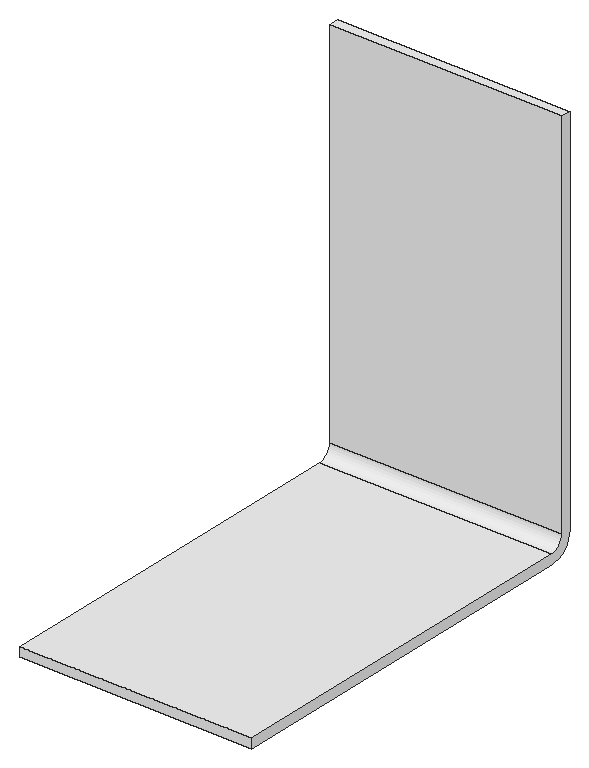
Revit family "JOMA_Spikplåtsvinklar", category Structural Connections, host Face, Revit 2012 (continued)
Nested families
  nested 404: "Spikmönster" at (-30, 0, 70) x (1, 0, 0) z (0, -1, 0), visible <- "5588120 Förband Typ 2", type "Ø5", not visible
  nested 405: "Spikmönster" at (-10, 0, 70) x (1, 0, 0) z (0, -1, 0), visible <- "5588120 Förband Typ 2", type "Ø5", not visible
  nested 406: "Spikmönster" at (10, 0, 70) x (1, 0, 0) z (0, -1, 0), visible <- "5588120 Förband Typ 2", type "Ø5", not visible
  nested 407: "Spikmönster" at (30, 0, 70) x (1, 0, 0) z (0, -1, 0), visible <- "5588120 Förband Typ 2", type "Ø5", not visible
  nested 408: "Spikmönster" at (50, 0, 70) x (1, 0, 0) z (0, -1, 0), visible <- "5588120 Förband Typ 2", type "Ø5", not visible
  nested 409: "Spikmönster" at (-20, 0, 70) x (1, 0, 0) z (0, -1, 0), visible <- "5511060 Förband Typ 2", type "Ø5"
  nested 410: "Spikmönster" at (0, 0, 70) x (1, 0, 0) z (0, -1, 0), visible <- "5511060 Förband Typ 2", type "Ø5"
  nested 411: "Spikmönster" at (20, 0, 70) x (1, 0, 0) z (0, -1, 0), visible <- "5511060 Förband Typ 2", type "Ø5"
  nested 412: "Spikmönster" at (-20, 0, 70) x (1, 0, 0) z (0, -1, 0), visible <- "5511060 Förband Typ 2", type "Ø5", not visible
  nested 413: "Spikmönster" at (0, 0, 70) x (1, 0, 0) z (0, -1, 0), visible <- "5511060 Förband Typ 2", type "Ø5", not visible
  nested 414: "Spikmönster" at (20, 0, 70) x (1, 0, 0) z (0, -1, 0), visible <- "5511060 Förband Typ 2", type "Ø5", not visible
  nested 415: "Spikmönster" at (-20, -10, 0), visible <- "5511060 Förband Typ 2", type "Ø5"
  nested 416: "Spikmönster" at (0, -10, 0), visible <- "5511060 Förband Typ 2", type "Ø5"
  nested 417: "Spikmönster" at (20, -10, 0), visible <- "5511060 Förband Typ 2", type "Ø5"
  nested 418: "Spikmönster" at (20, -90, 0), visible <- "5511060 Förband Typ 2", type "Ø5"
  nested 419: "Spikmönster" at (-20, -90, 0), visible <- "5511060 Förband Typ 2", type "Ø5"
  nested 420: "Spikmönster" at (-20, -10, 0), visible <- "5511060 Förband Typ 2", type "Ø5", not visible
  nested 421: "Spikmönster" at (0, -10, 0), visible <- "5511060 Förband Typ 2", type "Ø5", not visible
  nested 422: "Spikmönster" at (20, -10, 0), visible <- "5511060 Förband Typ 2", type "Ø5", not visible
  nested 423: "Spikmönster" at (20, -90, 0), visible <- "5511060 Förband Typ 2", type "Ø5", not visible
  nested 424: "Spikmönster" at (-20, -90, 0), visible <- "5511060 Förband Typ 2", type "Ø5", not visible
  nested 425: "Spikmönster" at (-30, -10, 0), visible <- "5511080 Förband Typ 2", type "Ø5"
  nested 426: "Spikmönster" at (-10, -10, 0), visible <- "5511080 Förband Typ 2", type "Ø5"
  nested 427: "Spikmönster" at (10, -10, 0), visible <- "5511080 Förband Typ 2", type "Ø5"
  nested 428: "Spikmönster" at (30, -10, 0), visible <- "5511080 Förband Typ 2", type "Ø5"
  nested 429: "Spikmönster" at (30, -90, 0), visible <- "5511080 Förband Typ 2", type "Ø5"
  nested 430: "Spikmönster" at (-30, -90, 0), visible <- "5511080 Förband Typ 2", type "Ø5"
  nested 431: "Spikmönster" at (-30, -10, 0), visible <- "5511080 Förband Typ 2", type "Ø5", not visible
  nested 432: "Spikmönster" at (-10, -10, 0), visible <- "5511080 Förband Typ 2", type "Ø5", not visible
  nested 433: "Spikmönster" at (10, -10, 0), visible <- "5511080 Förband Typ 2", type "Ø5", not visible
  nested 434: "Spikmönster" at (30, -10, 0), visible <- "5511080 Förband Typ 2", type "Ø5", not visible
  nested 435: "Spikmönster" at (30, -90, 0), visible <- "5511080 Förband Typ 2", type "Ø5", not visible
  nested 436: "Spikmönster" at (-30, -90, 0), visible <- "5511080 Förband Typ 2", type "Ø5", not visible
  nested 437: "Spikmönster" at (-30, 0, 70) x (1, 0, 0) z (0, -1, 0), visible <- "5511080 Förband Typ 2", type "Ø5"
  nested 438: "Spikmönster" at (-10, 0, 70) x (1, 0, 0) z (0, -1, 0), visible <- "5511080 Förband Typ 2", type "Ø5"
  nested 439: "Spikmönster" at (10, 0, 70) x (1, 0, 0) z (0, -1, 0), visible <- "5511080 Förband Typ 2", type "Ø5"
  nested 440: "Spikmönster" at (30, 0, 70) x (1, 0, 0) z (0, -1, 0), visible <- "5511080 Förband Typ 2", type "Ø5"
  nested 441: "Spikmönster" at (-30, 0, 70) x (1, 0, 0) z (0, -1, 0), visible <- "5511080 Förband Typ 2", type "Ø5", not visible
  nested 442: "Spikmönster" at (-10, 0, 70) x (1, 0, 0) z (0, -1, 0), visible <- "5511080 Förband Typ 2", type "Ø5", not visible
  nested 443: "Spikmönster" at (10, 0, 70) x (1, 0, 0) z (0, -1, 0), visible <- "5511080 Förband Typ 2", type "Ø5", not visible
  nested 444: "Spikmönster" at (30, 0, 70) x (1, 0, 0) z (0, -1, 0), visible <- "5511080 Förband Typ 2", type "Ø5", not visible
  nested 445: "Spikmönster" at (-40, 0, 70) x (1, 0, 0) z (0, -1, 0), visible <- "5511100 Förband Typ 2", type "Ø5"
  nested 446: "Spikmönster" at (-20, 0, 70) x (1, 0, 0) z (0, -1, 0), visible <- "5511100 Förband Typ 2", type "Ø5"
  nested 447: "Spikmönster" at (0, 0, 70) x (1, 0, 0) z (0, -1, 0), visible <- "5511100 Förband Typ 2", type "Ø5"
  nested 448: "Spikmönster" at (20, 0, 70) x (1, 0, 0) z (0, -1, 0), visible <- "5511100 Förband Typ 2", type "Ø5"
  nested 449: "Spikmönster" at (40, 0, 70) x (1, 0, 0) z (0, -1, 0), visible <- "5511100 Förband Typ 2", type "Ø5"
  nested 450: "Spikmönster" at (-40, 0, 70) x (1, 0, 0) z (0, -1, 0), visible <- "5511100 Förband Typ 2", type "Ø5", not visible
  nested 451: "Spikmönster" at (-20, 0, 70) x (1, 0, 0) z (0, -1, 0), visible <- "5511100 Förband Typ 2", type "Ø5", not visible
  nested 452: "Spikmönster" at (0, 0, 70) x (1, 0, 0) z (0, -1, 0), visible <- "5511100 Förband Typ 2", type "Ø5", not visible
  nested 453: "Spikmönster" at (20, 0, 70) x (1, 0, 0) z (0, -1, 0), visible <- "5511100 Förband Typ 2", type "Ø5", not visible
  nested 454: "Spikmönster" at (40, 0, 70) x (1, 0, 0) z (0, -1, 0), visible <- "5511100 Förband Typ 2", type "Ø5", not visible
  nested 455: "Spikmönster" at (-40, -10, 0), visible <- "5511100 Förband Typ 2", type "Ø5"
  nested 456: "Spikmönster" at (-20, -10, 0), visible <- "5511100 Förband Typ 2", type "Ø5"
  nested 457: "Spikmönster" at (0, -10, 0), visible <- "5511100 Förband Typ 2", type "Ø5"
  nested 458: "Spikmönster" at (20, -10, 0), visible <- "5511100 Förband Typ 2", type "Ø5"
  nested 459: "Spikmönster" at (40, -10, 0), visible <- "5511100 Förband Typ 2", type "Ø5"
  nested 460: "Spikmönster" at (40, -90, 0), visible <- "5511100 Förband Typ 2", type "Ø5"
  nested 461: "Spikmönster" at (0, -90, 0), visible <- "5511100 Förband Typ 2", type "Ø5"
  nested 462: "Spikmönster" at (-40, -90, 0), visible <- "5511100 Förband Typ 2", type "Ø5"
  nested 463: "Spikmönster" at (-40, -10, 0), visible <- "5511100 Förband Typ 2", type "Ø5", not visible
  nested 464: "Spikmönster" at (-20, -10, 0), visible <- "5511100 Förband Typ 2", type "Ø5", not visible
  nested 465: "Spikmönster" at (0, -10, 0), visible <- "5511100 Förband Typ 2", type "Ø5", not visible
  nested 466: "Spikmönster" at (20, -10, 0), visible <- "5511100 Förband Typ 2", type "Ø5", not visible
  nested 467: "Spikmönster" at (40, -10, 0), visible <- "5511100 Förband Typ 2", type "Ø5", not visible
  nested 468: "Spikmönster" at (40, -90, 0), visible <- "5511100 Förband Typ 2", type "Ø5", not visible
  nested 469: "Spikmönster" at (0, -90, 0), visible <- "5511100 Förband Typ 2", type "Ø5", not visible
  nested 470: "Spikmönster" at (-40, -90, 0), visible <- "5511100 Förband Typ 2", type "Ø5", not visible
  nested 471: "Spikmönster" at (-20, -10, 0), visible <- "5568060 & 5526860 Förband Typ 2", type "Ø5"
  nested 472: "Spikmönster" at (0, -10, 0), visible <- "5568060 & 5526860 Förband Typ 2", type "Ø5"
  nested 473: "Spikmönster" at (20, -10, 0), visible <- "5568060 & 5526860 Förband Typ 2", type "Ø5"
  nested 474: "Spikmönster" at (0, -50, 0), visible <- "5568060 & 5526860 Förband Typ 2", type "Ø5"
  nested 475: "Spikmönster" at (-20, -10, 0), visible <- "5568060 & 5526860 Förband Typ 2", type "Ø5", not visible
  nested 476: "Spikmönster" at (0, -10, 0), visible <- "5568060 & 5526860 Förband Typ 2", type "Ø5", not visible
  nested 477: "Spikmönster" at (20, -10, 0), visible <- "5568060 & 5526860 Förband Typ 2", type "Ø5", not visible
  nested 478: "Spikmönster" at (0, -50, 0), visible <- "5568060 & 5526860 Förband Typ 2", type "Ø5", not visible
  nested 479: "Spikmönster" at (-20, 0, 70) x (1, 0, 0) z (0, -1, 0), visible <- "5568060 & 5526860 Förband Typ 2", type "Ø5"
  nested 480: "Spikmönster" at (0, 0, 70) x (1, 0, 0) z (0, -1, 0), visible <- "5568060 & 5526860 Förband Typ 2", type "Ø5"
  nested 481: "Spikmönster" at (20, 0, 70) x (1, 0, 0) z (0, -1, 0), visible <- "5568060 & 5526860 Förband Typ 2", type "Ø5"
  nested 482: "Spikmönster" at (-20, 0, 70) x (1, 0, 0) z (0, -1, 0), visible <- "5568060 & 5526860 Förband Typ 2", type "Ø5", not visible
  nested 483: "Spikmönster" at (0, 0, 70) x (1, 0, 0) z (0, -1, 0), visible <- "5568060 & 5526860 Förband Typ 2", type "Ø5", not visible
  nested 484: "Spikmönster" at (20, 0, 70) x (1, 0, 0) z (0, -1, 0), visible <- "5568060 & 5526860 Förband Typ 2", type "Ø5", not visible
  nested 485: "Spikmönster" at (-40, 0, 190) x (1, 0, 0) z (0, -1, 0), visible <- "5512100 Förband Typ 2", type "Ø5"
  nested 486: "Spikmönster" at (0, 0, 190) x (1, 0, 0) z (0, -1, 0), visible <- "5512100 Förband Typ 2", type "Ø5"
  nested 487: "Spikmönster" at (40, 0, 190) x (1, 0, 0) z (0, -1, 0), visible <- "5512100 Förband Typ 2", type "Ø5"
  nested 488: "Spikmönster" at (40, 0, 70) x (1, 0, 0) z (0, -1, 0), visible <- "5512100 Förband Typ 2", type "Ø5"
  nested 489: "Spikmönster" at (20, 0, 70) x (1, 0, 0) z (0, -1, 0), visible <- "5512100 Förband Typ 2", type "Ø5"
  nested 490: "Spikmönster" at (0, 0, 70) x (1, 0, 0) z (0, -1, 0), visible <- "5512100 Förband Typ 2", type "Ø5"
  nested 491: "Spikmönster" at (-20, 0, 70) x (1, 0, 0) z (0, -1, 0), visible <- "5512100 Förband Typ 2", type "Ø5"
  nested 492: "Spikmönster" at (-40, 0, 70) x (1, 0, 0) z (0, -1, 0), visible <- "5512100 Förband Typ 2", type "Ø5"
  nested 493: "Spikmönster" at (-40, 0, 190) x (1, 0, 0) z (0, -1, 0), visible <- "5512100 Förband Typ 2", type "Ø5", not visible
  nested 494: "Spikmönster" at (0, 0, 190) x (1, 0, 0) z (0, -1, 0), visible <- "5512100 Förband Typ 2", type "Ø5", not visible
  nested 495: "Spikmönster" at (40, 0, 190) x (1, 0, 0) z (0, -1, 0), visible <- "5512100 Förband Typ 2", type "Ø5", not visible
  nested 496: "Spikmönster" at (40, 0, 70) x (1, 0, 0) z (0, -1, 0), visible <- "5512100 Förband Typ 2", type "Ø5", not visible
  nested 497: "Spikmönster" at (20, 0, 70) x (1, 0, 0) z (0, -1, 0), visible <- "5512100 Förband Typ 2", type "Ø5", not visible
  nested 498: "Spikmönster" at (0, 0, 70) x (1, 0, 0) z (0, -1, 0), visible <- "5512100 Förband Typ 2", type "Ø5", not visible
  nested 499: "Spikmönster" at (-20, 0, 70) x (1, 0, 0) z (0, -1, 0), visible <- "5512100 Förband Typ 2", type "Ø5", not visible
  nested 500: "Spikmönster" at (-40, 0, 70) x (1, 0, 0) z (0, -1, 0), visible <- "5512100 Förband Typ 2", type "Ø5", not visible
  nested 501: "Spikmönster" at (-40, -10, 0), visible <- "5512100 Förband Typ 2", type "Ø5"
  nested 502: "Spikmönster" at (-20, -10, 0), visible <- "5512100 Förband Typ 2", type "Ø5"
  nested 503: "Spikmönster" at (0, -10, 0), visible <- "5512100 Förband Typ 2", type "Ø5"
  nested 504: "Spikmönster" at (20, -10, 0), visible <- "5512100 Förband Typ 2", type "Ø5"
  nested 505: "Spikmönster" at (40, -10, 0), visible <- "5512100 Förband Typ 2", type "Ø5"
  nested 506: "Spikmönster" at (-40, -90, 0), visible <- "5512100 Förband Typ 2", type "Ø5"
  nested 507: "Spikmönster" at (0, -90, 0), visible <- "5512100 Förband Typ 2", type "Ø5"
  nested 508: "Spikmönster" at (40, -90, 0), visible <- "5512100 Förband Typ 2", type "Ø5"
  nested 509: "Spikmönster" at (-40, -10, 0), visible <- "5512100 Förband Typ 2", type "Ø5", not visible
  nested 510: "Spikmönster" at (-20, -10, 0), visible <- "5512100 Förband Typ 2", type "Ø5", not visible
  nested 511: "Spikmönster" at (0, -10, 0), visible <- "5512100 Förband Typ 2", type "Ø5", not visible
  nested 512: "Spikmönster" at (20, -10, 0), visible <- "5512100 Förband Typ 2", type "Ø5", not visible
  nested 513: "Spikmönster" at (40, -10, 0), visible <- "5512100 Förband Typ 2", type "Ø5", not visible
  nested 514: "Spikmönster" at (-40, -90, 0), visible <- "5512100 Förband Typ 2", type "Ø5", not visible
  nested 515: "Spikmönster" at (0, -90, 0), visible <- "5512100 Förband Typ 2", type "Ø5", not visible
  nested 516: "Spikmönster" at (40, -90, 0), visible <- "5512100 Förband Typ 2", type "Ø5", not visible
Definition of nested family "Spikmönster"
  Parameters (values of type "Ø11")
    Radie = 5.500 mm
  Types (3, lengths in mm): name | Radie
    (no name) | 5.500
    Ø5 | 2.500
    Ø11 | 5.500
  Reference planes
    plane 1 "Center (Front/Back)": y = 0
    plane 2: z = 0
    plane 3 "Center (Left/Right)": x = 0
  Lines and regions (mm)
    Filled region 1, type "Solid Fill - Black", in view "Ref. Level"
      outline origin (0, 0, 0) x (1, 0, 0) y (0, 1, 0)
        loop
          circle (0, 0) r 5.5
  Dimensions and locks
    "Radie": radius of Filled region 1 sketch curve
  Automatic sketch dimensions
    plane 1 "Center (Front/Back)" to Filled region 1 sketch curve = 0.000 mm
    Filled region 1 sketch curve to plane 3 "Center (Left/Right)" = 0.000 mm
Types (23, lengths in mm): name | yr | t | l | ir | h | b | Vikt | Typ | Spikplåtsvinkel 5588120 | Spikplåtsvinkel 5588100 | Spikplåtsvinkel 5588080 & 5528880 | Spikplåtsvinkel 5588060 & 5528860 | Spikplåtsvinkel 5588040 & 5528840 | Spikplåtsvinkel 5568060 & 5526860 | Spikplåtsvinkel 5566100 & 55266100 | Spikplåtsvinkel 5566080 & 5526680 | Spikplåtsvinkel 5566060 & 5526660 | Spikplåtsvinkel 5546060 & 5524660 | Spikplåtsvinkel 5512100 | Spikplåtsvinkel 5511100 | Spikplåtsvinkel 5511080 | Spikplåtsvinkel 5511060
  (no name) | 5.703 | 2.500 | 102.500 | 3.203 | 102.500 | 60.000 | "0,21" | "SPIKPLÅTSVINKEL 5511060" | no | no | no | no | no | no | no | no | no | no | no | no | no | yes
  5526660  2,0x60x60x60 | 4.562 | 2.000 | 62.000 | 2.562 | 62.000 | 60.000 | "0,11" | "SPIKPLÅTSVINKEL 5526660" | no | no | no | no | no | no | no | no | yes | no | no | no | no | no
  5526680  2,0x60x60x80 | 4.562 | 2.000 | 62.000 | 2.562 | 62.000 | 80.000 | "0,15" | "SPIKPLÅTSVINKEL 5526680" | no | no | no | no | no | no | no | yes | no | no | no | no | no | no
  55266100  2,0x60x60x100 | 4.562 | 2.000 | 62.000 | 2.562 | 62.000 | 100.000 | "0,18" | "SPIKPLÅTSVINKEL 55266100" | no | no | no | no | no | no | yes | no | no | no | no | no | no | no
  5528840  2,0x80x80x40 | 4.562 | 2.000 | 82.000 | 2.562 | 82.000 | 40.000 | "0,10" | "SPIKPLÅTSVINKEL 5528840" | no | no | no | no | yes | no | no | no | no | no | no | no | no | no
  5528860  2,0x80x80x60 | 4.562 | 2.000 | 82.000 | 2.562 | 82.000 | 60.000 | "0,15" | "SPIKPLÅTSVINKEL 5528860" | no | no | no | yes | no | no | no | no | no | no | no | no | no | no
  5528880  2,0x80x80x80 | 4.562 | 2.000 | 82.000 | 2.562 | 82.000 | 80.000 | "0,19" | "SPIKPLÅTSVINKEL 5528880" | no | no | yes | no | no | no | no | no | no | no | no | no | no | no
  5546060  2,5x40x60x60 | 5.702 | 2.500 | 42.500 | 3.202 | 62.500 | 60.000 | "0,11" | "SPIKPLÅTSVINKEL 5546060" | no | no | no | no | no | no | no | no | no | yes | no | no | no | no
  5566060  2,5x60x60x60 | 5.702 | 2.500 | 62.500 | 3.202 | 62.500 | 60.000 | "0,13" | "SPIKPLÅTSVINKEL 5566060" | no | no | no | no | no | no | no | no | yes | no | no | no | no | no
  5566080  2,5x60x60x80 | 5.702 | 2.500 | 62.500 | 3.202 | 62.500 | 80.000 | "0,18" | "SPIKPLÅTSVINKEL 5566080" | no | no | no | no | no | no | no | yes | no | no | no | no | no | no
  5566100  2,5x60x60x100 | 5.702 | 2.500 | 62.500 | 3.202 | 62.500 | 100.000 | "0,22" | "SPIKPLÅTSVINKEL 5566100" | no | no | no | no | no | no | yes | no | no | no | no | no | no | no
  5568060  2,5x60x80x60 | 5.702 | 2.500 | 62.500 | 3.202 | 82.500 | 60.000 | "0,15" | "SPIKPLÅTSVINKEL 5568060" | no | no | no | no | no | yes | no | no | no | no | no | no | no | no
  5588040  2,5x80x80x40 | 5.702 | 2.500 | 82.500 | 3.202 | 82.500 | 40.000 | "0,12" | "SPIKPLÅTSVINKEL 5588040" | no | no | no | no | yes | no | no | no | no | no | no | no | no | no
  5588060  2,5x80x80x60 | 5.702 | 2.500 | 82.500 | 3.202 | 82.500 | 60.000 | "0,17" | "SPIKPLÅTSVINKEL 5588060" | no | no | no | yes | no | no | no | no | no | no | no | no | no | no
  5588080  2,5x80x80x80 | 5.702 | 2.500 | 82.500 | 3.202 | 82.500 | 80.000 | "0,23" | "SPIKPLÅTSVINKEL 5588080" | no | no | yes | no | no | no | no | no | no | no | no | no | no | no
  5588100  2,5x80x80x100 | 5.702 | 2.500 | 82.500 | 3.202 | 82.500 | 100.000 | "0,31" | "SPIKPLÅTSVINKEL 5588100" | no | yes | no | no | no | no | no | no | no | no | no | no | no | no
  5588120  2,5x80x80x120 | 5.702 | 2.500 | 82.500 | 3.202 | 82.500 | 120.000 | "0,34" | "SPIKPLÅTSVINKEL 5588120" | yes | no | no | no | no | no | no | no | no | no | no | no | no | no
  5511060  2,5x100x100x60 | 5.703 | 2.500 | 102.500 | 3.203 | 102.500 | 60.000 | "0,21" | "SPIKPLÅTSVINKEL 5511060" | no | no | no | no | no | no | no | no | no | no | no | no | no | yes
  5511080  2,5x100x100x80 | 5.702 | 2.500 | 102.500 | 3.202 | 102.500 | 80.000 | "0,29" | "SPIKPLÅTSVINKEL 5511080" | no | no | no | no | no | no | no | no | no | no | no | no | yes | no
  5511100  2,5x100x100x100 | 5.702 | 2.500 | 102.500 | 3.202 | 102.500 | 100.000 | "0,36" | "SPIKPLÅTSVINKEL 5511100" | no | no | no | no | no | no | no | no | no | no | no | yes | no | no
  5512100  2,5x100x200x100 | 5.702 | 2.500 | 102.500 | 3.202 | 202.500 | 100.000 | "0,21" | "SPIKPLÅTSVINKEL 5512100" | no | no | no | no | no | no | no | no | no | no | yes | no | no | no
  5524660  2,0x40x60x60 | 4.562 | 2.000 | 42.000 | 2.562 | 62.000 | 60.000 | "0,11" | "SPIKPLÅTSVINKEL 5524660" | no | no | no | no | no | no | no | no | no | yes | no | no | no | no
  5526860  2,0x60x80x60 | 4.562 | 2.000 | 62.000 | 2.562 | 82.000 | 60.000 | "0,15" | "SPIKPLÅTSVINKEL 5526860" | no | no | no | no | no | yes | no | no | no | no | no | no | no | no
